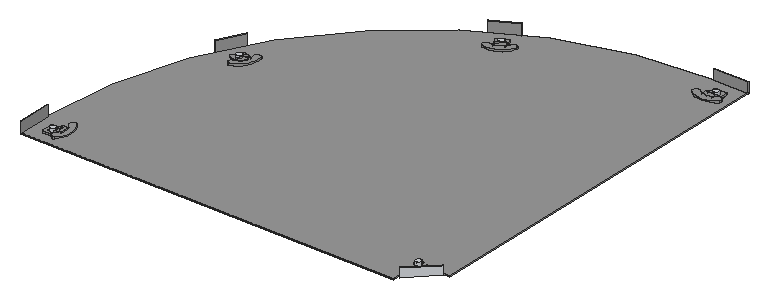
Revit family "Deckel Bogen 90° - DFBM 90 600 FS", category Generic Models, Revit 2017
Family settings
  Can host rebar = No
  Round Connector Dimension = Use Diameter
  Part Type = Normal
  Work Plane-Based = No
  Always vertical = Yes
  Cut with Voids When Loaded = No
  Shared = No
  Room Calculation Point = No
Parameters (values of type "DFBM 90 600 FS")
  Width = 600 mm
  URL = "http://www.obo-bettermann.com"
  Material = strip galvanised
  Manufacturer Art.No. = "7138512"
  Manufacturer = "OBO BETTERMANN"
  GTIN = "4012195929154"
  Article Type = "DFBM 90 600 FS"
Reference planes
  plane 1 "Center (Front/Back)": y = 0
  plane 2: z = 0
  plane 3 "Center (Left/Right)": x = 0
  plane 4: z = 1.25
  plane 5: y = 50
  plane 6: through (0, 0, 1200) normal (-0.7071, -0.7071, 0)
  plane 7: through (0, 0, 1200) normal (-0.866, -0.5, 0)
  plane 8: through (-290.254, 542.735, 1200) normal (0.866, 0.5, 0)
  plane 9: through (-328.959, 529.774, 1200) normal (0.866, 0.5, 0)
  plane 10: through (0, 0, 1200) normal (-0.5, -0.866, 0)
  plane 11: through (0, 0, 1200) normal (-0.5, -0.866, 0)
  plane 12: through (0, 0, 1200) normal (-0.7071, -0.7071, 0)
  plane 13: through (0, 0, 1200) normal (-0.5, -0.866, 0)
  plane 14: through (0, 0, 1200) normal (-0.866, -0.5, 0)
  plane 15: through (-536.638, 332.922, 1200) normal (0.5, 0.866, 0)
  plane 16: through (-553.376, 296.398, 1200) normal (0.5, 0.866, 0)
  plane 17: z = 16.1
  plane 18: through (0, 0, 1200) normal (-0.7071, -0.7071, 0)
  plane 19: through (-46.349, 10.993, 1200) normal (0.7071, 0.7071, 0)
  plane 20: through (-11.494, 46.849, 1200) normal (0.7071, 0.7071, 0)
  plane 21: y = 25
  plane 22: x = -571.749
  plane 23: z = 13
  plane 24: through (0, 0, 1200) normal (-0.7071, -0.7071, 0)
  plane 25: through (0, 0, 1200) normal (-0.866, -0.5, 0)
  plane 26: through (0, 0, 1200) normal (-0.5, -0.866, 0)
  plane 27: x = -25
  plane 28: y = 571.749
  plane 29: x = -45.5
  plane 30: through (-34.975, 56.292, 1200) normal (0.7071, -0.7071, 0)
  plane 31: z = -4
  plane 32: through (-45.429, 45.429, 1200) normal (0.7071, -0.7071, 0)
  plane 33: z = 5.25
  plane 34: through (-45.429, 45.429, 1200) normal (0.7071, -0.7071, 0)
  plane 35: y = 25
  plane 36: x = -571.899
  plane 37: z = -4
  plane 38: y = 25.036
  plane 39: x = -571.749
  plane 40: z = 6.95
  plane 41: y = 25.036
  plane 42: x = -571.749
  plane 43: y = 27.036
  plane 44: y = 23.036
  plane 45: x = -569.749
  plane 46: x = -573.749
  plane 47: x = -572.499
  plane 48: x = -570.999
  plane 49: x = -572.499
  plane 50: x = -570.999
  plane 51: y = 25.786
  plane 52: y = 24.286
  plane 53: through (0, 0, 1200) normal (-0.2588, -0.9659, 0)
  plane 54: through (-570.289, 328.791, 1200) normal (0.5, 0.866, 0)
  plane 55: through (-514.587, 287.569, 1200) normal (-0.866, 0.5, 0)
  plane 56: through (-516.877, 297.912, 1200) normal (0.5, 0.866, 0)
  plane 57: through (-514.587, 287.569, 1200) normal (-0.866, 0.5, 0)
  plane 58: through (-512.806, 293.252, 1200) normal (0.5, 0.866, 0)
  plane 59: through (-510.618, 296.608, 1200) normal (0.5, 0.866, 0)
  plane 60: through (-509.73, 291.981, 1200) normal (-0.866, 0.5, 0)
  plane 61: through (-513.316, 293.771, 1200) normal (-0.866, 0.5, 0)
  plane 62: through (-512.602, 292.508, 1200) normal (-0.866, 0.5, 0)
  plane 63: through (-511.302, 291.758, 1200) normal (-0.866, 0.5, 0)
  plane 64: through (-512.18, 293.238, 1200) normal (-0.866, 0.5, 0)
  plane 65: through (-509.527, 294.833, 1200) normal (-0.866, 0.5, 0)
  plane 66: through (-513.246, 294.95, 1200) normal (0.5, 0.866, 0)
  plane 67: through (-512.496, 296.249, 1200) normal (0.5, 0.866, 0)
  plane 68: through (-297.912, 516.877, 1200) normal (0.866, 0.5, 0)
  plane 69: through (-287.569, 514.587, 1200) normal (0.5, -0.866, 0)
  plane 70: through (-293.252, 512.806, 1200) normal (0.866, 0.5, 0)
  plane 71: through (-296.608, 510.618, 1200) normal (0.866, 0.5, 0)
  plane 72: through (-291.981, 509.73, 1200) normal (0.5, -0.866, 0)
  plane 73: through (-293.771, 513.316, 1200) normal (0.5, -0.866, 0)
  plane 74: through (-292.508, 512.602, 1200) normal (0.5, -0.866, 0)
  plane 75: through (-291.758, 511.302, 1200) normal (0.5, -0.866, 0)
  plane 76: through (-293.238, 512.18, 1200) normal (0.5, -0.866, 0)
  plane 77: through (-294.833, 509.527, 1200) normal (0.5, -0.866, 0)
  plane 78: through (-294.95, 513.246, 1200) normal (0.866, 0.5, 0)
  plane 79: through (-296.249, 512.496, 1200) normal (0.866, 0.5, 0)
  plane 80: x = -25
  plane 81: y = 571.749
  plane 82: x = -25.036
  plane 83: y = 571.749
  plane 84: x = -27.036
  plane 85: x = -23.036
  plane 86: y = 569.749
  plane 87: y = 573.749
  plane 88: y = 572.499
  plane 89: y = 570.999
  plane 90: y = 572.499
  plane 91: y = 570.999
  plane 92: x = -25.786
  plane 93: x = -24.286
  plane 94: through (-516.877, 297.912, 1200) normal (0.5, 0.866, 0)
  plane 95: through (-514.587, 287.569, 1200) normal (-0.866, 0.5, 0)
  plane 96: through (-512.806, 293.252, 1200) normal (0.5, 0.866, 0)
  plane 97: through (-510.618, 296.608, 1200) normal (0.5, 0.866, 0)
  plane 98: through (-509.73, 291.981, 1200) normal (-0.866, 0.5, 0)
  plane 99: through (-513.316, 293.771, 1200) normal (-0.866, 0.5, 0)
  plane 100: through (-512.602, 292.508, 1200) normal (-0.866, 0.5, 0)
  plane 101: through (-511.302, 291.758, 1200) normal (-0.866, 0.5, 0)
  plane 102: through (-512.18, 293.238, 1200) normal (-0.866, 0.5, 0)
  plane 103: through (-509.527, 294.833, 1200) normal (-0.866, 0.5, 0)
  plane 104: through (-513.246, 294.95, 1200) normal (0.5, 0.866, 0)
  plane 105: through (-512.496, 296.249, 1200) normal (0.5, 0.866, 0)
  plane 106: through (-518.366, 299.075, 1200) normal (0.5, 0.866, 0)
  plane 107: through (-515.669, 286.013, 1200) normal (-0.866, 0.5, 0)
  plane 108: x = -25
  plane 109: y = 571.899
  plane 110: through (-299.075, 518.366, 1200) normal (0.866, 0.5, 0)
  plane 111: through (-286.013, 515.669, 1200) normal (0.5, -0.866, 0)
  plane 112: z = 3.25
  plane 113: x = -545.369
  plane 114: y = 46.496
  plane 115: y = 4.546
  plane 116: x = -554.119
  plane 117: z = 8.95
  plane 118: through (-491.777, 274.522, 1200) normal (-0.866, 0.5, 0)
  plane 119: through (-513.792, 271.906, 1200) normal (0.5, 0.866, 0)
  plane 120: through (-487.223, 305.006, 1200) normal (0.5, 0.866, 0)
  plane 121: through (-507.288, 265.157, 1200) normal (-0.866, 0.5, 0)
  plane 122: through (-274.522, 491.777, 1200) normal (0.5, -0.866, 0)
  plane 123: through (-271.906, 513.792, 1200) normal (0.866, 0.5, 0)
  plane 124: through (-305.006, 487.223, 1200) normal (0.866, 0.5, 0)
  plane 125: through (-265.157, 507.288, 1200) normal (0.5, -0.866, 0)
  plane 126: y = 545.369
  plane 127: x = -46.496
  plane 128: x = -4.546
  plane 129: y = 554.119
Forms (mm)
  Extrusion 1, solid, material "strip galvanised" <- "Material"
    sketch origin (0, 0, 0) x (1, 0, 0) y (0, 1, 0)
      loop
        line (-598.749, 0) -> (-46.5, 0) -> (-46.5, 7.5) -> (-7.5, 46.5) -> (0, 46.5) -> (0, 598.749) -> (-50, 598.749)
        arc (-50, 598.749) -> (-438.024, 438.024) -> (-598.749, 50) r 548.749
        line (-598.749, 50) -> (-598.749, 0)
    from 0 to 1.25
  Extrusion 2, solid, material "strip galvanised" <- "Material"
    sketch origin (0, 0, 0) x (1, 0, 0) y (0, 1, 0)
      loop
        line (0, 598.749) -> (0, 600.008) -> (-50, 600.008) -> (-50, 598.749) -> (0, 598.749)
      loop
        line (-598.749, 0) -> (-598.749, 50) -> (-600.008, 50) -> (-600.008, 0) -> (-598.749, 0)
      loop
        line (-524.005, 325.674) -> (-525.121, 326.236)
        arc (-525.121, 326.236) -> (-535.177, 308.942) -> (-544.038, 291.006) r 294.893
        line (-544.038, 291.006) -> (-542.87, 290.332)
        arc (-542.87, 290.332) -> (-534.041, 308.325) -> (-524.005, 325.674) r 293.599
      loop
        arc (-325.674, 524.005) -> (-308.325, 534.041) -> (-290.332, 542.87) r 293.599
        line (-290.332, 542.87) -> (-291.006, 544.038)
        arc (-291.006, 544.038) -> (-308.942, 535.177) -> (-326.236, 525.121) r 294.893
        line (-326.236, 525.121) -> (-325.674, 524.005)
    from 0 to 16.1
  Extrusion 3, solid
    sketch origin (0, 0, 0) x (1, 0, 0) y (0, 1, 0)
      loop
        line (-9.322, 44.678) -> (-44.678, 9.322) -> (-43.794, 8.438) -> (-8.438, 43.794) -> (-9.322, 44.678)
    from 0 to 13
  Extrusion 4, void
    sketch origin (0, 0, 0) x (1, 0, 0) y (0, 1, 0)
      loop
        circle (-571.749, 25) r 6.15
    from 0 to 1.25
  Extrusion 5, void
    sketch origin (0, 0, 0) x (0, -1, 0) y (1, 0, 0)
      loop
        circle (-571.749, -25) r 6.15
    from 0 to 1.25
  Extrusion 6, void
    sketch origin (0, 0, 0) x (1, 0, 0) y (0, 1, 0)
      loop
        circle (-294.864, 510.72) r 6.1
      loop
        circle (-510.72, 294.864) r 6.1
    from 0 to 1.25
  Extrusion 7, void
    sketch origin (0, 0, 0) x (1, 0, 0) y (0, 1, 0)
      loop
        circle (-45.5, 45.5) r 6.1
    from 0 to 1.25
  Extrusion 8, solid, material "strip galvanised" <- "Material"
    sketch origin (0, 0, 0) x (1, 0, 0) y (0, 1, 0)
      loop
        circle (-45.633, 45.633) r 10
    from 0 to -4
  Extrusion 9, solid
    sketch origin (0, 0, 0) x (1, 0, 0) y (0, 1, 0)
      loop
        circle (-45.429, 45.429) r 4.074
    from 5.25 to 0
  Extrusion 10, void
    sketch origin (0, 0, 0) x (1, 0, 0) y (0, 1, 0)
      loop
        line (-47.484, 46.418) -> (-46.454, 45.387) -> (-47.484, 44.357) -> (-46.451, 43.324) -> (-45.421, 44.354) -> (-44.372, 43.305) -> (-43.284, 44.393) -> (-44.333, 45.442) -> (-43.303, 46.472) -> (-44.336, 47.506) -> (-45.366, 46.476) -> (-46.396, 47.506) -> (-47.484, 46.418)
    from -4 to -2.08
  Extrusion 11, solid, material "strip galvanised" <- "Material"
    sketch origin (0, 0, 0) x (1, 0, 0) y (0, 1, 0)
      loop
        circle (-571.899, 25) r 10
    from 0 to -4
  Extrusion 12, solid
    sketch origin (0, 0, 0) x (1, 0, 0) y (0, 1, 0)
      loop
        circle (-571.749, 25.036) r 4.077
    from 0 to 6.95
  Extrusion 13, solid
    sketch origin (0, 0, 0) x (1, 0, 0) y (0, 1, 0)
      loop
        line (-572.499, 27.238) -> (-572.499, 25.786) -> (-574.015, 25.786) -> (-574.015, 24.286) -> (-572.499, 24.286) -> (-572.499, 22.836) -> (-570.999, 22.836) -> (-570.999, 24.286) -> (-569.458, 24.286) -> (-569.458, 25.786) -> (-570.999, 25.786) -> (-570.999, 27.238) -> (-572.499, 27.238)
    from -4 to -2.225
  Extrusion 14, void
    sketch origin (-3.014, 30.142, 0) x (0.866025, -0.5, 0) y (0.5, 0.866025, 0)
      loop
        circle (-571.749, -25) r 6.15
    from 0 to 1.25
  Extrusion 15, solid
    sketch origin (-3.014, 30.142, 0) x (0.866025, -0.5, 0) y (0.5, 0.866025, 0)
      loop
        circle (-571.749, -25.036) r 4.077
    from 0 to 6.95
  Extrusion 16, solid
    sketch origin (-3.014, 30.142, 0) x (0.866025, -0.5, 0) y (0.5, 0.866025, 0)
      loop
        line (-572.499, -27.238) -> (-570.999, -27.238) -> (-570.999, -25.786) -> (-569.458, -25.786) -> (-569.458, -24.286) -> (-570.999, -24.286) -> (-570.999, -22.836) -> (-572.499, -22.836) -> (-572.499, -24.286) -> (-574.015, -24.286) -> (-574.015, -25.786) -> (-572.499, -25.786) -> (-572.499, -27.238)
    from -4 to -2.225
  Extrusion 17, solid
    sketch origin (-30.142, 3.014, 0) x (0.5, -0.866025, 0) y (0.866025, 0.5, 0)
      loop
        circle (-571.749, 25.036) r 4.077
    from 0 to 6.95
  Extrusion 18, solid
    sketch origin (-30.142, 3.014, 0) x (0.5, -0.866025, 0) y (0.866025, 0.5, 0)
      loop
        line (-572.499, 27.238) -> (-572.499, 25.786) -> (-574.015, 25.786) -> (-574.015, 24.286) -> (-572.499, 24.286) -> (-572.499, 22.836) -> (-570.999, 22.836) -> (-570.999, 24.286) -> (-569.458, 24.286) -> (-569.458, 25.786) -> (-570.999, 25.786) -> (-570.999, 27.238) -> (-572.499, 27.238)
    from -4 to -2.225
  Extrusion 19, void
    sketch origin (0, 0, 0) x (0, -1, 0) y (1, 0, 0)
      loop
        circle (-571.749, -25) r 6.15
    from 0 to 1.25
  Extrusion 20, solid
    sketch origin (0, 0, 0) x (0, -1, 0) y (1, 0, 0)
      loop
        circle (-571.749, -25.036) r 4.077
    from 0 to 6.95
  Extrusion 21, solid
    sketch origin (0, 0, 0) x (0, -1, 0) y (1, 0, 0)
      loop
        line (-572.499, -27.238) -> (-570.999, -27.238) -> (-570.999, -25.786) -> (-569.458, -25.786) -> (-569.458, -24.286) -> (-570.999, -24.286) -> (-570.999, -22.836) -> (-572.499, -22.836) -> (-572.499, -24.286) -> (-574.015, -24.286) -> (-574.015, -25.786) -> (-572.499, -25.786) -> (-572.499, -27.238)
    from -4 to -2.225
  Extrusion 22, solid
    sketch origin (-3.014, 30.142, 0) x (0.866025, -0.5, 0) y (0.5, 0.866025, 0)
      loop
        circle (-571.749, -25.036) r 4.077
    from 0 to 6.95
  Extrusion 23, solid
    sketch origin (-3.014, 30.142, 0) x (0.866025, -0.5, 0) y (0.5, 0.866025, 0)
      loop
        line (-572.499, -27.238) -> (-570.999, -27.238) -> (-570.999, -25.786) -> (-569.458, -25.786) -> (-569.458, -24.286) -> (-570.999, -24.286) -> (-570.999, -22.836) -> (-572.499, -22.836) -> (-572.499, -24.286) -> (-574.015, -24.286) -> (-574.015, -25.786) -> (-572.499, -25.786) -> (-572.499, -27.238)
    from -4 to -2.225
  Extrusion 24, solid, material "strip galvanised" <- "Material"
    sketch origin (-2.909, 30.343, 0) x (0.866025, -0.5, 0) y (0.5, 0.866025, 0)
      loop
        circle (-571.899, -25) r 10
    from 0 to -4
  Extrusion 25, solid, material "strip galvanised" <- "Material"
    sketch origin (0, 0, 0) x (0, -1, 0) y (1, 0, 0)
      loop
        circle (-571.899, -25) r 10
    from 0 to -4
  Extrusion 26, solid, material "strip galvanised" <- "Material"
    sketch origin (-30.343, 2.909, 0) x (0.5, -0.866025, 0) y (0.866025, 0.5, 0)
      loop
        circle (-571.899, 25) r 10
    from 0 to -4
  Extrusion 27, solid, material "strip galvanised" <- "Material"
    sketch origin (0, 0, 0) x (1, 0, 0) y (0, 1, 0)
      loop
        arc (-578.749, 34.036) -> (-580.163, 33.45) -> (-580.749, 32.036) r 2
        line (-580.749, 32.036) -> (-580.749, 18.036)
        arc (-580.749, 18.036) -> (-580.163, 16.622) -> (-578.749, 16.036) r 2
        line (-578.749, 16.036) -> (-564.749, 16.036)
        arc (-564.749, 16.036) -> (-563.334, 16.622) -> (-562.749, 18.036) r 2
        line (-562.749, 18.036) -> (-562.749, 32.036)
        arc (-562.749, 32.036) -> (-563.334, 33.45) -> (-564.749, 34.036) r 2
        line (-564.749, 34.036) -> (-578.749, 34.036)
    from 1.25 to 3.25
  Extrusion 28, void
    sketch origin (0, 0, 0) x (1, 0, 0) y (0, 1, 0)
      loop
        arc (-575.399, 29.186) -> (-575.752, 29.039) -> (-575.899, 28.686) r 0.5
        line (-575.899, 28.686) -> (-575.899, 21.386)
        arc (-575.899, 21.386) -> (-575.752, 21.032) -> (-575.399, 20.886) r 0.5
        line (-575.399, 20.886) -> (-568.099, 20.886)
        arc (-568.099, 20.886) -> (-567.745, 21.032) -> (-567.599, 21.386) r 0.5
        line (-567.599, 21.386) -> (-567.599, 28.686)
        arc (-567.599, 28.686) -> (-567.745, 29.039) -> (-568.099, 29.186) r 0.5
        line (-568.099, 29.186) -> (-575.399, 29.186)
    from 1.25 to 3.25
  Extrusion 29, solid, material "strip galvanised" <- "Material"
    sketch origin (0, 0, 0) x (1, 0, 0) y (0, 1, 0)
      loop
        arc (-552.835, 45.72) -> (-553.693, 46.277) -> (-554.713, 46.349) r 2.043
        arc (-554.713, 46.349) -> (-558.004, 44.604) -> (-559.702, 41.289) r 6.204
        arc (-559.702, 41.289) -> (-559.652, 40.408) -> (-559.226, 39.635) r 1.984
        arc (-559.226, 39.635) -> (-554.037, 25.626) -> (-559.762, 11.827) r 20.445
        arc (-559.762, 11.827) -> (-560.255, 10.994) -> (-560.321, 10.029) r 2.094
        arc (-560.321, 10.029) -> (-558.557, 6.573) -> (-555.125, 4.763) r 6.424
        arc (-555.125, 4.763) -> (-554.266, 4.777) -> (-553.476, 5.117) r 2.22
        arc (-553.476, 5.117) -> (-545.079, 25.291) -> (-552.835, 45.72) r 29.556
    from 6.95 to 8.95
  Extrusion 30, solid, material "strip galvanised" <- "Material"
    sketch origin (0, 0, 0) x (1, 0, 0) y (0, 0, 1)
      loop
        line (-562.749, 3.25) -> (-562.749, 5.95)
        arc (-562.749, 5.95) -> (-562.456, 6.657) -> (-561.749, 6.95) r 1
        line (-561.749, 6.95) -> (-554.029, 6.95) -> (-554.029, 8.95) -> (-561.863, 8.95)
        arc (-561.863, 8.95) -> (-563.963, 8.08) -> (-564.833, 5.98) r 2.97
        line (-564.833, 5.98) -> (-564.833, 4.248)
        arc (-564.833, 4.248) -> (-565.125, 3.542) -> (-565.831, 3.25) r 0.998
        line (-565.831, 3.25) -> (-562.749, 3.25)
    from -32.534 to -17.621
  Extrusion 31, solid, material "strip galvanised" <- "Material"
    sketch origin (-2.863, 30.609, 0) x (0.866025, -0.5, 0) y (0.5, 0.866025, 0)
      loop
        line (-578.749, -34.036) -> (-564.749, -34.036)
        arc (-564.749, -34.036) -> (-563.334, -33.45) -> (-562.749, -32.036) r 2
        line (-562.749, -32.036) -> (-562.749, -18.036)
        arc (-562.749, -18.036) -> (-563.334, -16.622) -> (-564.749, -16.036) r 2
        line (-564.749, -16.036) -> (-578.749, -16.036)
        arc (-578.749, -16.036) -> (-580.163, -16.622) -> (-580.749, -18.036) r 2
        line (-580.749, -18.036) -> (-580.749, -32.036)
        arc (-580.749, -32.036) -> (-580.163, -33.45) -> (-578.749, -34.036) r 2
    from 1.25 to 3.25
  Extrusion 32, solid, material "strip galvanised" <- "Material"
    sketch origin (-2.863, 30.609, 0) x (0.866025, -0.5, 0) y (0.5, 0.866025, 0)
      loop
        arc (-552.835, -45.72) -> (-545.079, -25.291) -> (-553.476, -5.117) r 29.556
        arc (-553.476, -5.117) -> (-554.266, -4.777) -> (-555.125, -4.763) r 2.22
        arc (-555.125, -4.763) -> (-558.557, -6.573) -> (-560.321, -10.029) r 6.424
        arc (-560.321, -10.029) -> (-560.255, -10.994) -> (-559.762, -11.827) r 2.094
        arc (-559.762, -11.827) -> (-554.037, -25.626) -> (-559.226, -39.635) r 20.445
        arc (-559.226, -39.635) -> (-559.652, -40.408) -> (-559.702, -41.289) r 1.984
        arc (-559.702, -41.289) -> (-558.004, -44.604) -> (-554.713, -46.349) r 6.204
        arc (-554.713, -46.349) -> (-553.693, -46.277) -> (-552.835, -45.72) r 2.043
    from 6.95 to 8.95
  Extrusion 33, solid, material "strip galvanised" <- "Material"
    sketch origin (-2.863, 30.609, 0) x (0.866025, -0.5, 0) y (0, 0, -1)
      loop
        line (-562.749, -3.25) -> (-565.831, -3.25)
        arc (-565.831, -3.25) -> (-565.125, -3.542) -> (-564.833, -4.248) r 0.998
        line (-564.833, -4.248) -> (-564.833, -5.98)
        arc (-564.833, -5.98) -> (-563.963, -8.08) -> (-561.863, -8.95) r 2.97
        line (-561.863, -8.95) -> (-554.029, -8.95) -> (-554.029, -6.95) -> (-561.749, -6.95)
        arc (-561.749, -6.95) -> (-562.456, -6.657) -> (-562.749, -5.95) r 1
        line (-562.749, -5.95) -> (-562.749, -3.25)
    from -32.534 to -17.621
  Extrusion 34, solid, material "strip galvanised" <- "Material"
    sketch origin (-30.609, 2.863, 0) x (0.5, -0.866025, 0) y (0.866025, 0.5, 0)
      loop
        arc (-578.749, 34.036) -> (-580.163, 33.45) -> (-580.749, 32.036) r 2
        line (-580.749, 32.036) -> (-580.749, 18.036)
        arc (-580.749, 18.036) -> (-580.163, 16.622) -> (-578.749, 16.036) r 2
        line (-578.749, 16.036) -> (-564.749, 16.036)
        arc (-564.749, 16.036) -> (-563.334, 16.622) -> (-562.749, 18.036) r 2
        line (-562.749, 18.036) -> (-562.749, 32.036)
        arc (-562.749, 32.036) -> (-563.334, 33.45) -> (-564.749, 34.036) r 2
        line (-564.749, 34.036) -> (-578.749, 34.036)
    from 1.25 to 3.25
  Extrusion 35, solid, material "strip galvanised" <- "Material"
    sketch origin (-30.609, 2.863, 0) x (0.5, -0.866025, 0) y (0.866025, 0.5, 0)
      loop
        arc (-552.835, 45.72) -> (-553.693, 46.277) -> (-554.713, 46.349) r 2.043
        arc (-554.713, 46.349) -> (-558.004, 44.604) -> (-559.702, 41.289) r 6.204
        arc (-559.702, 41.289) -> (-559.652, 40.408) -> (-559.226, 39.635) r 1.984
        arc (-559.226, 39.635) -> (-554.037, 25.626) -> (-559.762, 11.827) r 20.445
        arc (-559.762, 11.827) -> (-560.255, 10.994) -> (-560.321, 10.029) r 2.094
        arc (-560.321, 10.029) -> (-558.557, 6.573) -> (-555.125, 4.763) r 6.424
        arc (-555.125, 4.763) -> (-554.266, 4.777) -> (-553.476, 5.117) r 2.22
        arc (-553.476, 5.117) -> (-545.079, 25.291) -> (-552.835, 45.72) r 29.556
    from 6.95 to 8.95
  Extrusion 36, solid, material "strip galvanised" <- "Material"
    sketch origin (-30.609, 2.863, 0) x (0.5, -0.866025, 0) y (0, 0, 1)
      loop
        line (-562.749, 3.25) -> (-562.749, 5.95)
        arc (-562.749, 5.95) -> (-562.456, 6.657) -> (-561.749, 6.95) r 1
        line (-561.749, 6.95) -> (-554.029, 6.95) -> (-554.029, 8.95) -> (-561.863, 8.95)
        arc (-561.863, 8.95) -> (-563.963, 8.08) -> (-564.833, 5.98) r 2.97
        line (-564.833, 5.98) -> (-564.833, 4.248)
        arc (-564.833, 4.248) -> (-565.125, 3.542) -> (-565.831, 3.25) r 0.998
        line (-565.831, 3.25) -> (-562.749, 3.25)
    from -32.534 to -17.621
  Extrusion 37, solid, material "strip galvanised" <- "Material"
    sketch origin (0, 0, 0) x (0, -1, 0) y (1, 0, 0)
      loop
        line (-578.749, -34.036) -> (-564.749, -34.036)
        arc (-564.749, -34.036) -> (-563.334, -33.45) -> (-562.749, -32.036) r 2
        line (-562.749, -32.036) -> (-562.749, -18.036)
        arc (-562.749, -18.036) -> (-563.334, -16.622) -> (-564.749, -16.036) r 2
        line (-564.749, -16.036) -> (-578.749, -16.036)
        arc (-578.749, -16.036) -> (-580.163, -16.622) -> (-580.749, -18.036) r 2
        line (-580.749, -18.036) -> (-580.749, -32.036)
        arc (-580.749, -32.036) -> (-580.163, -33.45) -> (-578.749, -34.036) r 2
    from 1.25 to 3.25
  Extrusion 38, solid, material "strip galvanised" <- "Material"
    sketch origin (0, 0, 0) x (0, -1, 0) y (1, 0, 0)
      loop
        arc (-552.835, -45.72) -> (-545.079, -25.291) -> (-553.476, -5.117) r 29.556
        arc (-553.476, -5.117) -> (-554.266, -4.777) -> (-555.125, -4.763) r 2.22
        arc (-555.125, -4.763) -> (-558.557, -6.573) -> (-560.321, -10.029) r 6.424
        arc (-560.321, -10.029) -> (-560.255, -10.994) -> (-559.762, -11.827) r 2.094
        arc (-559.762, -11.827) -> (-554.037, -25.626) -> (-559.226, -39.635) r 20.445
        arc (-559.226, -39.635) -> (-559.652, -40.408) -> (-559.702, -41.289) r 1.984
        arc (-559.702, -41.289) -> (-558.004, -44.604) -> (-554.713, -46.349) r 6.204
        arc (-554.713, -46.349) -> (-553.693, -46.277) -> (-552.835, -45.72) r 2.043
    from 6.95 to 8.95
  Extrusion 39, solid, material "strip galvanised" <- "Material"
    sketch origin (0, 0, 0) x (0, -1, 0) y (0, 0, -1)
      loop
        line (-562.749, -3.25) -> (-565.831, -3.25)
        arc (-565.831, -3.25) -> (-565.125, -3.542) -> (-564.833, -4.248) r 0.998
        line (-564.833, -4.248) -> (-564.833, -5.98)
        arc (-564.833, -5.98) -> (-563.963, -8.08) -> (-561.863, -8.95) r 2.97
        line (-561.863, -8.95) -> (-554.029, -8.95) -> (-554.029, -6.95) -> (-561.749, -6.95)
        arc (-561.749, -6.95) -> (-562.456, -6.657) -> (-562.749, -5.95) r 1
        line (-562.749, -5.95) -> (-562.749, -3.25)
    from -32.534 to -17.621
Cuts and joins
  Extrusion 4, Extrusion 5, Extrusion 6, Extrusion 7, Extrusion 19 cuts Extrusion 1
  Extrusion 10 cuts Extrusion 8
  Extrusion 10 cuts Extrusion 9
  Extrusion 14, Extrusion 19, Extrusion 28 cuts Extrusion 11
  Extrusion 14, Extrusion 19 cuts Extrusion 12
  Extrusion 14 cuts Extrusion 15
  Extrusion 19 cuts Extrusion 20
  Extrusion 28 cuts Extrusion 27
Dimensions and locks
  locked: plane 4 to level at 1.25
  plane 7 to plane 8 = 20 mm
  plane 9 to plane 7 = 20 mm
  locked: Extrusion 2 sketch curve to Extrusion 2 sketch curve at 50  (x2)
  locked: plane 13 to plane 15 at 20
  locked: plane 16 to plane 13 at 20
  locked: Extrusion 2 sketch curve to Extrusion 2 sketch curve at 1.25  (x2)
  locked: Extrusion 2 sketch curve to Extrusion 2 sketch curve at 1.349  (x2)
  locked: Extrusion 2 sketch curve to Extrusion 2 sketch curve at 39.974  (x2)
  locked: plane 18 to plane 20 at 25
  locked: plane 19 to plane 18 at 25
  locked: Extrusion 1 to Extrusion 3 sketch curve at 1.25
  locked: Extrusion 3 sketch curve to Extrusion 3 sketch curve at 50
  locked: Extrusion 1 to plane 21 at 25
  locked: Extrusion 2 to plane 22 at 27
  locked: plane 22 to Extrusion 4 sketch curve at 0
  locked: Extrusion 4 sketch curve to plane 21 at 6.15
  locked: plane 17 to cut or joined group of Extrusion 1, Extrusion 4, Extrusion 5, Extrusion 6, Extrusion 7, Extrusion 19 at 16.1
  locked: plane 23 to level at 13
  locked: plane 28 to Extrusion 5 sketch curve at 0
  locked: Extrusion 5 sketch curve to plane 27 at 6.15
  locked: plane 25 to Extrusion 6 sketch curve at 0
  locked: plane 25 to Extrusion 6 sketch curve at 6.1
  locked: plane 29 to cut or joined group of Extrusion 1, Extrusion 4, Extrusion 5, Extrusion 6, Extrusion 7, Extrusion 19 at 45.5
  locked: plane 29 to Extrusion 7 sketch curve at 0
  locked: plane 29 to Extrusion 7 sketch curve at 6.1
  locked: Extrusion 3 to Extrusion 8 sketch curve at 17.602
  Extrusion 8 sketch curve to plane 30 = 10 mm
  locked: Extrusion 3 to plane 30 at 27.602
  locked: plane 30 to Extrusion 8 sketch curve at 0
  locked: cut or joined group of Extrusion 1, Extrusion 4, Extrusion 5, Extrusion 6, Extrusion 7, Extrusion 19 to plane 31 at 4
  locked: cut or joined group of Extrusion 1, Extrusion 4, Extrusion 5, Extrusion 6, Extrusion 7, Extrusion 19 to plane 32 at 6
  locked: Extrusion 9 sketch curve to plane 32 at 4.074
  locked: plane 32 to Extrusion 9 sketch curve
  cut or joined group of Extrusion 1, Extrusion 4, Extrusion 5, Extrusion 6, Extrusion 7, Extrusion 19 to Extrusion 9 = 0 mm
  locked: plane 33 to cut or joined group of Extrusion 1, Extrusion 4, Extrusion 5, Extrusion 6, Extrusion 7, Extrusion 19 at 4
  Extrusion 10 sketch curve to Extrusion 10 sketch curve = 4.402 mm  (x2)
  cut or joined group of Extrusion 8, Extrusion 10 to cut or joined group of Extrusion 8, Extrusion 10 = 1.539 mm  (x3)
  cut or joined group of Extrusion 1, Extrusion 4, Extrusion 5, Extrusion 6, Extrusion 7, Extrusion 19 to plane 36 = 6 mm
  plane 35 to cut or joined group of Extrusion 1, Extrusion 4, Extrusion 5, Extrusion 6, Extrusion 7, Extrusion 19 = -6.15 mm
  locked: Extrusion 2 to plane 36 at 26.85
  cut or joined group of Extrusion 1, Extrusion 4, Extrusion 5, Extrusion 6, Extrusion 7, Extrusion 19 to plane 35 = 25 mm
  locked: plane 36 to Extrusion 11 sketch curve at 10
  locked: plane 36 to Extrusion 11 sketch curve
  locked: cut or joined group of Extrusion 1, Extrusion 4, Extrusion 5, Extrusion 6, Extrusion 7, Extrusion 19 to plane 37 at 4
  locked: plane 39 to Extrusion 12 sketch curve
  locked: plane 39 to Extrusion 12 sketch curve at 4.077
  locked: plane 40 to cut or joined group of Extrusion 1, Extrusion 4, Extrusion 5, Extrusion 6, Extrusion 7, Extrusion 19 at 5.7
  plane 41 to Extrusion 13 sketch curve = 2.202 mm
  locked: plane 41 to Extrusion 13 sketch curve at 2.2
  locked: plane 34 to Extrusion 10 sketch curve at 2.152
  locked: Extrusion 10 sketch curve to plane 24 at 2.211
  locked: plane 34 to Extrusion 10 sketch curve at 2.25
  locked: Extrusion 10 sketch curve to Extrusion 10 sketch curve at 4.402
  locked: plane 55 to Extrusion 14 sketch curve at 0
  locked: Extrusion 14 sketch curve to plane 54 at 6.15
  locked: plane 57 to Extrusion 15 sketch curve
  locked: plane 57 to Extrusion 15 sketch curve at 4.077
  locked: plane 69 to Extrusion 17 sketch curve
  locked: plane 69 to Extrusion 17 sketch curve at 4.077
  locked: plane 81 to Extrusion 19 sketch curve at 0
  locked: Extrusion 19 sketch curve to plane 80 at 6.15
  locked: plane 83 to Extrusion 20 sketch curve
  locked: plane 83 to Extrusion 20 sketch curve at 4.077
  locked: plane 95 to Extrusion 22 sketch curve
  locked: plane 95 to Extrusion 22 sketch curve at 4.077
  locked: plane 107 to Extrusion 24 sketch curve at 10
  locked: plane 107 to Extrusion 24 sketch curve
  locked: plane 109 to Extrusion 25 sketch curve at 10
  locked: plane 109 to Extrusion 25 sketch curve
  locked: plane 111 to Extrusion 26 sketch curve at 10
  locked: plane 111 to Extrusion 26 sketch curve
  locked: Extrusion 27 sketch curve to plane 42 at 9
  locked: plane 42 to Extrusion 27 sketch curve at 9
  locked: Extrusion 27 sketch curve to plane 41 at 9
  locked: plane 41 to Extrusion 27 sketch curve at 9
  locked: plane 42 to Extrusion 28 sketch curve at 4.15
  locked: Extrusion 28 sketch curve to plane 42 at 4.15
  locked: Extrusion 28 sketch curve to plane 41 at 4.15
  locked: plane 41 to Extrusion 28 sketch curve at 4.15
  locked: plane 112 to cut or joined group of Extrusion 1, Extrusion 4, Extrusion 5, Extrusion 6, Extrusion 7, Extrusion 19 at 2
  locked: cut or joined group of Extrusion 27, Extrusion 28 to plane 113 at 35.38
  locked: plane 114 to cut or joined group of Extrusion 27, Extrusion 28 at 12.46
  cut or joined group of Extrusion 27, Extrusion 28 to plane 115 = 11.49 mm
  locked: plane 116 to plane 113 at 8.75
  locked: cut or joined group of Extrusion 27, Extrusion 28 to Extrusion 29 sketch curve at 17.674
  locked: Extrusion 29 sketch curve to Extrusion 29 sketch curve at 41.588
  locked: plane 116 to Extrusion 29 sketch curve at 0.085
  locked: plane 117 to plane 40 at 2
  Extrusion 30 sketch curve to plane 42 = 17.72 mm
  locked: Extrusion 30 sketch curve to plane 42 at 9
  locked: Extrusion 30 sketch curve to cut or joined group of Extrusion 1, Extrusion 4, Extrusion 5, Extrusion 6, Extrusion 7, Extrusion 19 at 6.95
  locked: cut or joined group of Extrusion 27, Extrusion 28 to level at 3.25
  locked: plane 121 to plane 118 at 8.75
  locked: Extrusion 32 sketch curve to Extrusion 32 sketch curve at 41.588
  locked: plane 121 to Extrusion 32 sketch curve at 0.085
  locked: plane 125 to plane 122 at 8.75
  locked: Extrusion 35 sketch curve to Extrusion 35 sketch curve at 41.588
  locked: plane 125 to Extrusion 35 sketch curve at 0.085
  locked: plane 129 to plane 126 at 8.75
  locked: Extrusion 38 sketch curve to Extrusion 38 sketch curve at 41.588
  locked: plane 129 to Extrusion 38 sketch curve at 0.085
  angle plane 53 to cut or joined group of Extrusion 1, Extrusion 4, Extrusion 5, Extrusion 6, Extrusion 7, Extrusion 19 = 15.00°
  aligned and locked: level to plane 2
  aligned and locked: plane 4 to Extrusion 1
  aligned and locked: Extrusion 1 to level
  aligned and locked: plane 16 to Extrusion 2 sketch curve
  aligned and locked: plane 17 to Extrusion 2
  aligned and locked: plane 1 "Center (Front/Back)" to Extrusion 1
  aligned and locked: plane 3 "Center (Left/Right)" to Extrusion 1
  aligned and locked: Extrusion 4 to level
  aligned and locked: Extrusion 1 to Extrusion 4
  aligned and locked: plane 23 to Extrusion 3
  aligned and locked: Extrusion 1 to Extrusion 6
  aligned and locked: Extrusion 6 to level
  aligned and locked: Extrusion 1 to Extrusion 7
  aligned and locked: Extrusion 7 to level
  aligned and locked: level to Extrusion 8
  aligned and locked: Extrusion 8 to plane 31
  aligned and locked: plane 2 to Extrusion 8
  aligned and locked: Extrusion 8 to Extrusion 2
  aligned and locked: plane 33 to Extrusion 9
  aligned and locked: Extrusion 8 to Extrusion 10
  aligned and locked: level to Extrusion 11
  aligned and locked: Extrusion 11 to plane 37
  aligned and locked: Extrusion 12 to level
  aligned and locked: plane 40 to Extrusion 12
  aligned and locked: Extrusion 11 to Extrusion 13
  aligned and locked: cut or joined group of Extrusion 27, Extrusion 28 to Extrusion 28  (x2)
  aligned and locked: Extrusion 27 to plane 4
  aligned and locked: plane 112 to Extrusion 27
  aligned and locked: Extrusion 27 to cut or joined group of Extrusion 1, Extrusion 4, Extrusion 5, Extrusion 6, Extrusion 7, Extrusion 19
  aligned and locked: Extrusion 27 to Extrusion 28
  aligned and locked: plane 117 to Extrusion 29
  aligned and locked: plane 112 to Extrusion 30 sketch curve
  aligned and locked: plane 117 to Extrusion 30 sketch curve
Automatic sketch dimensions
  plane 1 "Center (Front/Back)" to Extrusion 1 sketch curve = 0 mm
  Extrusion 1 sketch curve to plane 5 = 0 mm
  plane 6 to Extrusion 1 sketch curve = 0 mm
  Extrusion 1 sketch curve to plane 3 "Center (Left/Right)" = 0 mm
  Extrusion 1 sketch curve to plane 42 = 27 mm
  Extrusion 1 sketch curve to plane 3 "Center (Left/Right)" = 46.5 mm
  Extrusion 1 sketch curve to plane 5 = 3.5 mm
  Extrusion 1 sketch curve to Extrusion 1 sketch curve = 7.5 mm
  Extrusion 1 sketch curve to plane 1 "Center (Front/Back)" = 7.5 mm
  plane 1 "Center (Front/Back)" to Extrusion 2 sketch curve = 0 mm
  Extrusion 2 sketch curve to plane 3 "Center (Left/Right)" = 0 mm
  Extrusion 2 sketch curve to plane 3 "Center (Left/Right)" = 169.44 mm
  Extrusion 2 sketch curve to Extrusion 2 sketch curve = 0.631 mm
  Extrusion 2 sketch curve to Extrusion 2 sketch curve = 104.959 mm  (x2)
  Extrusion 2 sketch curve to Extrusion 2 sketch curve = 0.337 mm
  Extrusion 2 sketch curve to Extrusion 2 sketch curve = 240.332 mm
  Extrusion 2 sketch curve to Extrusion 2 sketch curve = 0.674 mm
  Extrusion 2 sketch curve to Extrusion 2 sketch curve = 34.668 mm
  Extrusion 2 sketch curve to Extrusion 2 sketch curve = 0.562 mm
  plane 42 to Extrusion 2 sketch curve = 47.744 mm
  Extrusion 2 sketch curve to Extrusion 2 sketch curve = 1.116 mm
  Extrusion 2 sketch curve to plane 1 "Center (Front/Back)" = 290.332 mm
  Extrusion 2 sketch curve to plane 42 = 27 mm
  Extrusion 2 sketch curve to Extrusion 2 sketch curve = 1.259 mm  (x2)
  Extrusion 2 sketch curve to Extrusion 2 sketch curve = 55.879 mm
  Extrusion 3 sketch curve to plane 19 = 0 mm
  Extrusion 3 sketch curve to plane 1 "Center (Front/Back)" = 9.322 mm
  Extrusion 4 sketch curve to plane 21 = 0 mm
  Extrusion 5 sketch curve to plane 27 = 0 mm
  plane 26 to Extrusion 6 sketch curve = 0 mm
  plane 42 to Extrusion 6 sketch curve = 61.028 mm
  plane 42 to Extrusion 6 sketch curve = 276.884 mm
  plane 24 to Extrusion 7 sketch curve = 0 mm
  plane 24 to Extrusion 8 sketch curve = 0 mm
  plane 24 to Extrusion 9 sketch curve = 0 mm
  plane 41 to Extrusion 10 sketch curve = 21.382 mm
  plane 41 to Extrusion 10 sketch curve = 19.321 mm
  plane 41 to Extrusion 10 sketch curve = 18.288 mm
  plane 41 to Extrusion 10 sketch curve = 22.47 mm  (x2)
  plane 41 to Extrusion 10 sketch curve = 19.318 mm
  plane 41 to Extrusion 10 sketch curve = 21.44 mm
  plane 41 to Extrusion 10 sketch curve = 20.406 mm
  Extrusion 10 sketch curve to Extrusion 10 sketch curve = 1.033 mm
  Extrusion 11 sketch curve to plane 35 = 0 mm
  Extrusion 12 sketch curve to plane 38 = 0 mm
  Extrusion 13 sketch curve to plane 52 = 0 mm
  Extrusion 13 sketch curve to plane 51 = 0 mm
  Extrusion 13 sketch curve to plane 47 = 0 mm  (x2)
  Extrusion 13 sketch curve to plane 48 = 0 mm  (x2)
  plane 52 to Extrusion 13 sketch curve = 0 mm
  plane 51 to Extrusion 13 sketch curve = 0 mm
  Extrusion 13 sketch curve to plane 46 = 0.266 mm
  plane 45 to Extrusion 13 sketch curve = 0.291 mm
  plane 54 to Extrusion 14 sketch curve = 0 mm
  plane 56 to Extrusion 15 sketch curve = 0 mm
  plane 67 to Extrusion 16 sketch curve = 0 mm  (x2)
  plane 66 to Extrusion 16 sketch curve = 0 mm  (x2)
  plane 62 to Extrusion 16 sketch curve = 0 mm  (x2)
  plane 63 to Extrusion 16 sketch curve = 0 mm  (x2)
  plane 61 to Extrusion 16 sketch curve = 0.266 mm
  Extrusion 16 sketch curve to plane 60 = 0.291 mm
  plane 59 to Extrusion 16 sketch curve = 0.2 mm
  Extrusion 16 sketch curve to plane 58 = 0.202 mm
  Extrusion 17 sketch curve to plane 68 = 0 mm
  Extrusion 18 sketch curve to plane 79 = 0 mm
  Extrusion 18 sketch curve to plane 78 = 0 mm
  Extrusion 18 sketch curve to plane 74 = 0 mm  (x2)
  Extrusion 18 sketch curve to plane 75 = 0 mm
  plane 75 to Extrusion 18 sketch curve = 0 mm
  plane 79 to Extrusion 18 sketch curve = 0 mm
  plane 78 to Extrusion 18 sketch curve = 0 mm
  Extrusion 18 sketch curve to plane 73 = 0.266 mm
  plane 72 to Extrusion 18 sketch curve = 0.291 mm
  Extrusion 18 sketch curve to plane 71 = 0.2 mm
  plane 70 to Extrusion 18 sketch curve = 0.202 mm
  Extrusion 19 sketch curve to plane 80 = 0 mm
  Extrusion 20 sketch curve to plane 82 = 0 mm
  Extrusion 21 sketch curve to plane 93 = 0 mm  (x2)
  Extrusion 21 sketch curve to plane 92 = 0 mm  (x2)
  plane 88 to Extrusion 21 sketch curve = 0 mm  (x2)
  plane 89 to Extrusion 21 sketch curve = 0 mm  (x2)
  plane 87 to Extrusion 21 sketch curve = 0.266 mm
  Extrusion 21 sketch curve to plane 86 = 0.291 mm
  plane 85 to Extrusion 21 sketch curve = 0.2 mm
  Extrusion 21 sketch curve to plane 84 = 0.202 mm
  plane 94 to Extrusion 22 sketch curve = 0 mm
  plane 105 to Extrusion 23 sketch curve = 0 mm  (x2)
  plane 104 to Extrusion 23 sketch curve = 0 mm  (x2)
  plane 100 to Extrusion 23 sketch curve = 0 mm  (x2)
  plane 101 to Extrusion 23 sketch curve = 0 mm  (x2)
  plane 99 to Extrusion 23 sketch curve = 0.266 mm
  Extrusion 23 sketch curve to plane 98 = 0.291 mm
  plane 97 to Extrusion 23 sketch curve = 0.2 mm
  Extrusion 23 sketch curve to plane 96 = 0.202 mm
  plane 106 to Extrusion 24 sketch curve = 0 mm
  Extrusion 25 sketch curve to plane 108 = 0 mm
  Extrusion 26 sketch curve to plane 110 = 0 mm
  Extrusion 27 sketch curve to Extrusion 27 sketch curve = 2 mm  (x4)
  Extrusion 28 sketch curve to Extrusion 28 sketch curve = 0.5 mm  (x4)
  plane 41 to Extrusion 29 sketch curve = 0.722 mm
  Extrusion 29 sketch curve to plane 42 = 2.882 mm
  Extrusion 29 sketch curve to Extrusion 29 sketch curve = 0.153 mm
  Extrusion 29 sketch curve to plane 116 = 4.136 mm
  Extrusion 29 sketch curve to plane 116 = 3.627 mm
  Extrusion 29 sketch curve to plane 116 = 0.613 mm
  Extrusion 29 sketch curve to plane 116 = 0.223 mm
  plane 116 to Extrusion 29 sketch curve = 0.134 mm
  plane 116 to Extrusion 29 sketch curve = 0.533 mm
  plane 115 to Extrusion 29 sketch curve = 6.539 mm
  Extrusion 29 sketch curve to Extrusion 29 sketch curve = 0.712 mm
  plane 115 to Extrusion 29 sketch curve = 2.402 mm
  Extrusion 29 sketch curve to Extrusion 29 sketch curve = 0.263 mm
  Extrusion 29 sketch curve to plane 114 = 6.247 mm
  Extrusion 29 sketch curve to Extrusion 29 sketch curve = 0.708 mm
  Extrusion 29 sketch curve to plane 114 = 2.156 mm
  Extrusion 29 sketch curve to Extrusion 29 sketch curve = 0.558 mm
  Extrusion 29 sketch curve to Extrusion 29 sketch curve = 0 mm  (x3)
  Extrusion 29 sketch curve to Extrusion 29 sketch curve = 0.476 mm
  plane 112 to Extrusion 30 sketch curve = 0.998 mm
  Extrusion 30 sketch curve to Extrusion 30 sketch curve = 2.085 mm
  plane 33 to Extrusion 30 sketch curve = 0.73 mm
  Extrusion 30 sketch curve to Extrusion 30 sketch curve = 0.114 mm  (x2)
  Extrusion 30 sketch curve to Extrusion 30 sketch curve = 0 mm
  Extrusion 31 sketch curve to plane 26 = 6.959 mm
  Extrusion 31 sketch curve to plane 42 = 49.925 mm
  Extrusion 31 sketch curve to Extrusion 31 sketch curve = 2 mm  (x3)
  plane 26 to Extrusion 31 sketch curve = 9.041 mm
  Extrusion 31 sketch curve to Extrusion 31 sketch curve = 14 mm  (x2)
  Extrusion 32 sketch curve to plane 26 = 0.68 mm
  plane 121 to Extrusion 32 sketch curve = 20.512 mm
  Extrusion 32 sketch curve to Extrusion 32 sketch curve = 0.153 mm
  plane 121 to Extrusion 32 sketch curve = 4.136 mm
  plane 121 to Extrusion 32 sketch curve = 3.627 mm
  plane 121 to Extrusion 32 sketch curve = 0.613 mm
  plane 121 to Extrusion 32 sketch curve = 0.223 mm
  Extrusion 32 sketch curve to plane 121 = 0.134 mm
  Extrusion 32 sketch curve to plane 121 = 0.533 mm
  Extrusion 32 sketch curve to plane 120 = 6.539 mm
  Extrusion 32 sketch curve to Extrusion 32 sketch curve = 0.712 mm
  Extrusion 32 sketch curve to plane 120 = 2.402 mm
  Extrusion 32 sketch curve to Extrusion 32 sketch curve = 0.263 mm
  plane 119 to Extrusion 32 sketch curve = 6.247 mm
  Extrusion 32 sketch curve to Extrusion 32 sketch curve = 0.708 mm
  plane 119 to Extrusion 32 sketch curve = 2.156 mm
  Extrusion 32 sketch curve to Extrusion 32 sketch curve = 0.558 mm
  Extrusion 32 sketch curve to Extrusion 32 sketch curve = 0 mm  (x3)
  Extrusion 32 sketch curve to Extrusion 32 sketch curve = 0.476 mm
  Extrusion 32 sketch curve to plane 120 = 0.571 mm
  plane 112 to Extrusion 33 sketch curve = 0 mm
  plane 117 to Extrusion 33 sketch curve = 0 mm
  plane 40 to Extrusion 33 sketch curve = 0 mm
  plane 112 to Extrusion 33 sketch curve = 0.998 mm
  Extrusion 33 sketch curve to Extrusion 33 sketch curve = 2.085 mm
  plane 33 to Extrusion 33 sketch curve = 0.73 mm
  Extrusion 33 sketch curve to Extrusion 33 sketch curve = 0.114 mm
  Extrusion 33 sketch curve to Extrusion 33 sketch curve = 7.72 mm
  Extrusion 33 sketch curve to Extrusion 33 sketch curve = 0 mm
  Extrusion 34 sketch curve to plane 25 = 6.959 mm
  Extrusion 34 sketch curve to plane 24 = 161.633 mm
  Extrusion 34 sketch curve to Extrusion 34 sketch curve = 2 mm  (x3)
  plane 25 to Extrusion 34 sketch curve = 9.041 mm
  Extrusion 34 sketch curve to Extrusion 34 sketch curve = 14 mm  (x2)
  Extrusion 35 sketch curve to plane 25 = 0.68 mm
  Extrusion 35 sketch curve to plane 125 = 20.512 mm
  Extrusion 35 sketch curve to Extrusion 35 sketch curve = 0.153 mm
  Extrusion 35 sketch curve to plane 125 = 4.136 mm
  Extrusion 35 sketch curve to plane 125 = 3.627 mm
  Extrusion 35 sketch curve to plane 125 = 0.613 mm
  Extrusion 35 sketch curve to plane 125 = 0.223 mm
  plane 125 to Extrusion 35 sketch curve = 0.134 mm
  plane 125 to Extrusion 35 sketch curve = 0.533 mm
  plane 124 to Extrusion 35 sketch curve = 6.539 mm
  Extrusion 35 sketch curve to Extrusion 35 sketch curve = 0.712 mm
  plane 124 to Extrusion 35 sketch curve = 2.402 mm
  Extrusion 35 sketch curve to Extrusion 35 sketch curve = 0.263 mm
  Extrusion 35 sketch curve to plane 123 = 6.247 mm
  Extrusion 35 sketch curve to Extrusion 35 sketch curve = 0.708 mm
  Extrusion 35 sketch curve to plane 123 = 2.156 mm
  Extrusion 35 sketch curve to Extrusion 35 sketch curve = 0.558 mm
  Extrusion 35 sketch curve to Extrusion 35 sketch curve = 0 mm  (x3)
  Extrusion 35 sketch curve to Extrusion 35 sketch curve = 0.476 mm
  plane 124 to Extrusion 35 sketch curve = 0.571 mm
  Extrusion 36 sketch curve to plane 112 = 0 mm
  Extrusion 36 sketch curve to plane 117 = 0 mm
  Extrusion 36 sketch curve to plane 40 = 0 mm
  plane 112 to Extrusion 36 sketch curve = 0.998 mm
  Extrusion 36 sketch curve to Extrusion 36 sketch curve = 2.085 mm
  plane 33 to Extrusion 36 sketch curve = 0.73 mm
  Extrusion 36 sketch curve to Extrusion 36 sketch curve = 0.114 mm  (x2)
  Extrusion 36 sketch curve to Extrusion 36 sketch curve = 7.72 mm
  Extrusion 36 sketch curve to Extrusion 36 sketch curve = 0 mm
  plane 3 "Center (Left/Right)" to Extrusion 37 sketch curve = 32.036 mm
  Extrusion 37 sketch curve to plane 41 = 555.713 mm
  Extrusion 37 sketch curve to Extrusion 37 sketch curve = 2 mm  (x3)
  Extrusion 37 sketch curve to Extrusion 37 sketch curve = 14 mm  (x3)
  plane 129 to Extrusion 38 sketch curve = 20.512 mm
  Extrusion 38 sketch curve to Extrusion 38 sketch curve = 0.153 mm
  plane 129 to Extrusion 38 sketch curve = 4.136 mm
  plane 129 to Extrusion 38 sketch curve = 3.627 mm
  plane 129 to Extrusion 38 sketch curve = 0.613 mm
  plane 129 to Extrusion 38 sketch curve = 0.223 mm
  Extrusion 38 sketch curve to plane 129 = 0.134 mm
  Extrusion 38 sketch curve to plane 129 = 0.533 mm
  Extrusion 38 sketch curve to plane 128 = 2.402 mm
  Extrusion 38 sketch curve to Extrusion 38 sketch curve = 3.425 mm
  Extrusion 38 sketch curve to Extrusion 38 sketch curve = 4.137 mm
  plane 127 to Extrusion 38 sketch curve = 20.738 mm
  Extrusion 38 sketch curve to Extrusion 38 sketch curve = 0.263 mm
  plane 127 to Extrusion 38 sketch curve = 6.247 mm
  Extrusion 38 sketch curve to Extrusion 38 sketch curve = 0.708 mm
  plane 127 to Extrusion 38 sketch curve = 2.156 mm
  Extrusion 38 sketch curve to Extrusion 38 sketch curve = 0.558 mm
  Extrusion 38 sketch curve to Extrusion 38 sketch curve = 0 mm  (x3)
  Extrusion 38 sketch curve to Extrusion 38 sketch curve = 0.476 mm
  Extrusion 38 sketch curve to plane 128 = 0.571 mm
  Extrusion 39 sketch curve to plane 112 = 0 mm
  Extrusion 39 sketch curve to plane 117 = 0 mm
  Extrusion 39 sketch curve to plane 40 = 0 mm
  plane 112 to Extrusion 39 sketch curve = 0.998 mm
  plane 41 to Extrusion 39 sketch curve = 540.795 mm
  Extrusion 39 sketch curve to Extrusion 39 sketch curve = 2.085 mm
  plane 33 to Extrusion 39 sketch curve = 0.73 mm
  Extrusion 39 sketch curve to Extrusion 39 sketch curve = 0.114 mm
  Extrusion 39 sketch curve to Extrusion 39 sketch curve = 7.72 mm
  Extrusion 39 sketch curve to Extrusion 39 sketch curve = 0 mm
  radius of Extrusion 6 sketch curve = 6.1 mm
